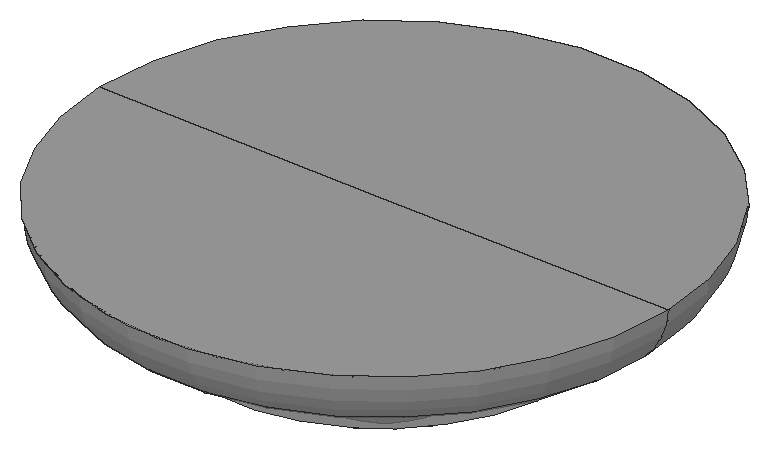
Revit family
Parameters (values of type "FOGLER DL-240O")
  built-in parameter 1150105 = 4232 (stored number, unit not read)
  Dimming Lamp Color Temperature Shift = (empty or 0)
  built-in parameter 1150139 = (empty or 0)
  built-in parameter 1150133 = 10 (stored number, unit not read)
  built-in parameter 1150109 = 1 (stored number, unit not read)
  built-in parameter 1114218 = 1 (stored number, unit not read)
  built-in parameter 1150110 = 1 (stored number, unit not read)
  built-in parameter 1150112 = 1 (stored number, unit not read)
  built-in parameter 1150113 = 1 (stored number, unit not read)
  Lumens = 4488.8 lm
  Manufacturer = "KANLUX"  # constant formula
  built-in parameter 1150107 = 2800 (stored number, unit not read)
  Keynote = "18120"
  Tilt Angle = 90.00°
  Apparent Load = 80 VA
  built-in parameter 1150106 = 42.32 (stored number, unit not read)
  Model = "FOGLER DL-240O"
  Wattage = 80 W
  built-in parameter 1150137 = (empty or 0)
  built-in parameter 1150132 = (empty or 0)
  Materiał klosza = klosz
  Materiał obudowy = obudowa
  built-in parameter 1010507 = 2.0944 (stored number, unit not read)
  built-in parameter 1010506 = 1.0472 (stored number, unit not read)
  built-in parameter 1150138 = (empty or 0)
  built-in parameter 1150134 = 4
  built-in parameter 1150102 = (empty or 0)
  Color Filter = 16777215
  Emit from Circle Diameter = 250 mm
  Emit Shape Visible in Rendering = no
  built-in parameter 1150104 = 5.2128 (stored number, unit not read)
  Light Source Symbol Length = 3048 mm
  Default Elevation = 95 mm
  built-in parameter 1150115 = 1 (stored number, unit not read)
  built-in parameter 1150114 = 1 (stored number, unit not read)
  built-in parameter 1114217 = 1 (stored number, unit not read)
Reference planes
  plane 1 "Środek (Przód/Tył)": y = 0
  plane 2: z = 0
  plane 3 "Środek (Lewa/Prawa)": x = 0
  plane 4 "rzędna": z = -95
  plane 5: z = 0
  plane 6: x = -150
  plane 7: x = 150
  plane 8: y = 150
  plane 9: y = -150
  plane 10: z = -30
  plane 11: z = -85
  plane 12: x = -125
  plane 13: x = 125
  plane 14: x = -33.5
Forms (mm)
  Extrusion 1, solid, not visible
    sketch origin (0, 0, 0) x (1, 0, 0) y (0, 1, 0)
      loop
        line (-1219.2, 1219.2) -> (-1219.2, -1219.2) -> (1219.2, -1219.2) -> (1219.2, 1219.2) -> (-1219.2, 1219.2)
    from 0 to 304.8
  Revolve 2, solid, material "klosz" <- "Materiał klosza"
    sketch origin (0, 0, 0) x (1, 0, 0) y (0, 0, 1)
      loop
        arc (-125, -30) -> (-68.283, -70.642) -> (0, -85) r 169.545
        line (0, -85) -> (0, -30) -> (-125, -30)
      axis (0, -30) -> (0, -85)
    angle from 0 to 360
  Extrusion 3, solid, material "obudowa" <- "Materiał obudowy"
    sketch origin (-401.749, -4572, -85) x (-1, 0, 0) y (0, -1, 0)
      loop
        circle (-401.749, -4572) r 33.5
      loop
        circle (-401.749, -4572) r 20
    from -2 to 3
  Revolve 4, solid, material "klosz" <- "Materiał klosza"
    sketch origin (0, 0, 0) x (1, 0, 0) y (0, 0, 1)
      loop
        arc (-15.996, -85) -> (-9.432, -92.293) -> (0, -95) r 17.801
        line (0, -95) -> (0, -85) -> (-15.996, -85)
      axis (0, -85) -> (0, -95)
    angle from 0 to 360
  Revolve 5, solid, material "obudowa" <- "Materiał obudowy"
    sketch origin (0, 0, 0) x (1, 0, 0) y (0, 0, 1)
      loop
        arc (-150, 0) -> (-146.355, -14.098) -> (-137.82, -25.896) r 39.228
        arc (-137.82, -25.896) -> (-133.058, -28.936) -> (-127.51, -30) r 15
        line (-127.51, -30) -> (0, -30) -> (0, 0) -> (-150, 0)
      axis (0, 0) -> (0, -30)
    angle from 0 to 360
Dimensions and locks
  "Default Elevation": level to plane 4 "rzędna"
  locked: plane 5 to plane 4 "rzędna" at 95
  equal spacing: plane 6, plane 3 "Środek (Lewa/Prawa)", plane 7
  locked: plane 6 to plane 7 at 300
  equal spacing: plane 9, plane 1 "Środek (Przód/Tył)", plane 8
  locked: plane 9 to plane 8 at 300
  locked: plane 5 to plane 10 at 30
  locked: plane 6 to plane 12 at 25
  locked: plane 7 to plane 13 at 25
  locked: plane 3 "Środek (Lewa/Prawa)" to plane 14 at 33.5
  locked: plane 5 to plane 11 at 85
  aligned and locked: plane 2 to Extrusion 1
  aligned and locked: level to Extrusion 1
  aligned and locked: Revolve 2 sketch curve to plane 10
  aligned and locked: Revolve 2 sketch curve to plane 3 "Środek (Lewa/Prawa)"  (x2)
  aligned and locked: Revolve 4 sketch curve to plane 11
  aligned and locked: Revolve 4 sketch curve to plane 3 "Środek (Lewa/Prawa)"  (x2)
  aligned and locked: Revolve 5 sketch curve to plane 5
  aligned and locked: Revolve 5 sketch curve to plane 10
  aligned and locked: Revolve 5 sketch curve to plane 3 "Środek (Lewa/Prawa)"  (x2)
  aligned and locked: imposter light to plane 10
Automatic sketch dimensions
  Extrusion 1 sketch curve to Extrusion 1 sketch curve = 2438.4 mm  (x2)
  Revolve 2 sketch curve to plane 12 = 0 mm
  plane 4 "rzędna" to Revolve 2 sketch curve = 10 mm
  Revolve 2 sketch curve to plane 4 "rzędna" = 459.6 mm
  Revolve 2 sketch curve to Revolve 2 sketch curve = 2579.513 mm
  Extrusion 3 sketch curve to Extrusion 3 sketch curve = 0 mm  (x2)
  plane 1 "Środek (Przód/Tył)" to Extrusion 3 sketch curve = 0 mm
  Extrusion 3 sketch curve to plane 3 "Środek (Lewa/Prawa)" = 0 mm
  plane 3 "Środek (Lewa/Prawa)" to Revolve 4 sketch curve = 0.005 mm
  plane 11 to Revolve 4 sketch curve = 7.801 mm
  Revolve 4 sketch curve to plane 4 "rzędna" = 0 mm
  Revolve 4 sketch curve to Revolve 4 sketch curve = 459.6 mm
  level to Revolve 4 sketch curve = 2609.058 mm
  plane 6 to Revolve 5 sketch curve = 0 mm
  plane 10 to Revolve 5 sketch curve = 4.104 mm
  Revolve 5 sketch curve to Revolve 5 sketch curve = 0 mm
  Revolve 5 sketch curve to plane 12 = 2.51 mm
  level to Revolve 5 sketch curve = 2.598 mm
  Revolve 5 sketch curve to plane 4 "rzędna" = 459.6 mm
  Revolve 5 sketch curve to Revolve 5 sketch curve = 2606.46 mm
  radius of Extrusion 3 sketch curve = 33.5 mm
  radius of Extrusion 3 sketch curve = 20 mm
Connectors
  electrical at (0, 0, 0), driven by "Apparent Load"
    settings: on plane 5, index 1
